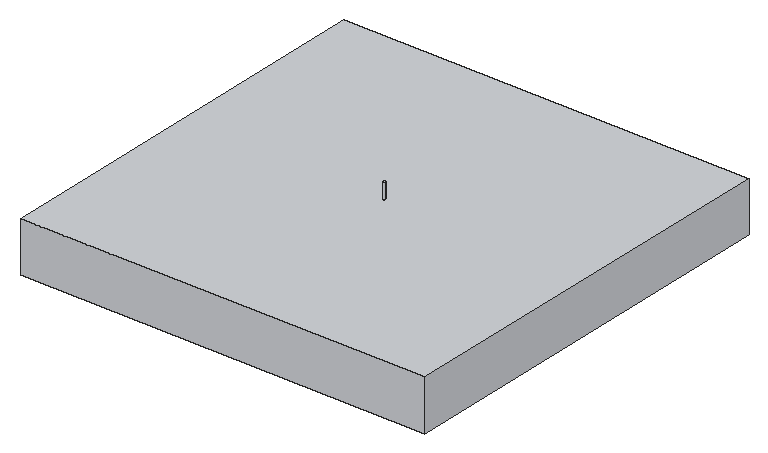
Revit family "M_Sprinkler - Seco - Parede lateral horizontal - Hospedado", category Sprinklers, Revit 2019
Family settings
  Hospedeiro = Face
  Manter orientação da anotação = Sim
  Cota do conector redondo = Usar raio
  Tipo de parte = Normal
  Número OmniClass = 23.65.70.17.11.24
  Título OmniClass = Fire Fighting Sprinkler Heads
  ID de item do Seek = Sprinkler - Dry - Horizontal Sidewall - Hosted-0000-CAN-ENU
  Corte com vazios quando carregada = Não
  Compartilhado = Não
  Ponto de cálculo do ambiente = Não
Parameters (values of type "Parede lateral seca horizontal de 15 mm")
  Classificação de temperatura = 57 °C
  Resposta = Padrão
  Queda de pressão [instance] = 48300.0 Pa
  Classe de pressão = Padrão
  Tamanho do orifício = 13 mm
  Orifício = Padrão
  Fator-K = 81
  Fluxo [instance] = 2.0 L/s
  Diâmetro do escudete = Diâmetro nominal  # 15 mm
  Cobertura = Padrão
  Diâmetro nominal = Raio nominal * 2  # 15 mm
  Raio nominal = 7.5 mm
  Raio do escudete = 0.5 * Diâmetro do escudete  # 7.5 mm
  Protrusão = Comprimento total - CEL  # 90 mm
  Comprimento total = 103 mm
  Espessura do escudete = 3 mm
  Elevação-padrão = 2400 mm
  CEL = 13 mm
  Assembly Code = ""
Reference planes
  plane 1 "Centro (Frente/Trás)": y = 0
  plane 2: z = 0
  plane 3 "Centro (Esquerda/Direita)": x = 0
  plane 4: z = -13
  plane 5: z = 3
  plane 6: z = 90
  plane 7: z = 0
Forms (mm)
  Extrusion 1, solid
    sketch origin (0, 0, 0) x (1, 0, 0) y (0, 1, 0)
      loop
        line (-1219.2, 1219.2) -> (-1219.2, -1219.2) -> (1219.2, -1219.2) -> (1219.2, 1219.2) -> (-1219.2, 1219.2)
    from 0 to -304.8
  Extrusion 2, solid
    sketch origin (0, 0, 0) x (1, 0, 0) y (0, 1, 0)
      loop
        circle (0, 0) r 7.5
    from 0 to 90
  Extrusion 3, solid
    sketch origin (0, 0, 0) x (1, 0, 0) y (0, 1, 0)
      loop
        circle (0, 0) r 7.5
    from 0 to 3
Cuts and joins
  joined: Extrusion 2, Extrusion 3
Dimensions and locks
  "Espessura do escudete": plane 5 to level
  "Protrusão": plane 6 to level
  "Comprimento total": plane 6 to plane 4
  "CEL": plane 7 to plane 4
  "Raio nominal": radius of Extrusion 2 sketch curve
  "Raio do escudete": radius of Extrusion 3 sketch curve
  aligned and locked: plane 2 to Extrusion 1
  aligned and locked: level to Extrusion 1
  aligned and locked: Extrusion 3 to level
  aligned and locked: plane 5 to Extrusion 3
  aligned and locked: plane 6 to Extrusion 2
  aligned and locked: Extrusion 2 to plane 7
Automatic sketch dimensions
  Extrusion 2 sketch curve to plane 1 "Centro (Frente/Trás)" = 0 mm
  Extrusion 2 sketch curve to plane 3 "Centro (Esquerda/Direita)" = 0 mm
  Extrusion 3 sketch curve to plane 1 "Centro (Frente/Trás)" = 0 mm
  Extrusion 3 sketch curve to plane 3 "Centro (Esquerda/Direita)" = 0 mm
  Extrusion 1 sketch curve to Extrusion 1 sketch curve = 2438.4 mm  (x2)
Nested families
  nested 1: "M_Sprinkler - Símbolo - Parede lateral horizontal" at (0, 0, 0), type "Sprinkler - Símbolo - Parede lateral horizontal"
Connectors
  piping at (0, 0, 0), diameter 15, driven by "Fluxo", driven by "Raio nominal"
    settings: on cut or joined group of Extrusion 2, Extrusion 3, index 1, connector inside diameter 15 mm, connector length 0 mm, flow factor 0, pipe flow 2.0 L/s, pressure drop 0.0 Pa, fitting loss kfactor 0, connector angle 0.00°, fixture units 0, engagement length 0 mm, angle of deflection 0.00°, flow configuration 1, flow direction 1, fitting loss method 0, system type 24, joint type 0, gender type 0, connector reference index -1, connector utility 0, adjustable connector no, is connector primary yes, connector description "In"
Definition of nested family "M_Sprinkler - Símbolo - Parede lateral horizontal"
  Parameters
    Largura do símbolo = Profundidade do símbolo  # 2 mm
    Meia largura do símbolo = 0.5 * Largura do símbolo  # 1 mm
    Profundidade do símbolo = 2 mm
  Reference planes
    plane 1: y = 0
    plane 2: x = 0
  Lines and regions (mm)
    reference lines
      curve 1: line (-1, 0, 0) -> (-1, 2, 0)
      curve 2: line (-1, 2, 0) -> (1, 2, 0)
      curve 3: line (1, 2, 0) -> (1, 0, 0)
      curve 4: line (-1, 2, 0) -> (0, 0, 0)
      curve 5: line (0, 0, 0) -> (1, 2, 0)
    detail lines
      curve 6: line (-1, 2, 0) -> (1, 2, 0)
      curve 7: line (1, 2, 0) -> (0, 0, 0)
      curve 8: line (-1, 2, 0) -> (0, 0, 0)
  Dimensions and locks
    equal spacing: curve 1, plane 2, curve 3
    "Profundidade do símbolo": plane 1 to curve 2
    "Meia largura do símbolo": curve 1 to plane 2
    aligned and locked: plane 1 to curve 1
    aligned and locked: curve 6 to curve 2
    aligned and locked: curve 1 to curve 6
    aligned and locked: curve 6 to curve 3
    aligned and locked: curve 7 to curve 5
    aligned and locked: curve 2 to curve 7
    aligned and locked: plane 1 to curve 7
  Automatic sketch dimensions
    curve 5 to plane 1 = 0 mm
    curve 4 to plane 2 = 0 mm
    curve 3 to plane 1 = 0 mm
